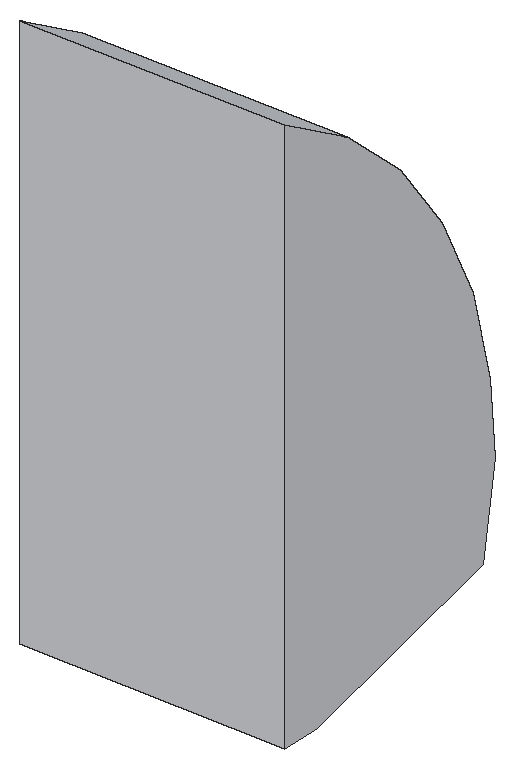
Revit family "DAN DRYER Stainless Design Mini Design 288", category Furniture Systems, host Wall, Revit 2018
Family settings
  Host = Wall
  Round Connector Dimension = Use Diameter
  Part Type = Normal
  Always vertical = Yes
  Cut with Voids When Loaded = No
  Shared = No
  Room Calculation Point = No
Parameters (values of type "Stål")
  Wicth = 200 mm
  URL = "http://www.dandryer.com/Files/Billeder/PDF/Datablade/Nye/Technical%20data%20sheet%20288.pdf"
  Type Image = <None>
  Offset from Floor = 1500 mm
  Model = "Stainless design"
  Manufacturer = "http://www.dandryer.com/"
  Height = 420 mm
  Description = "WARM_AIR HAND DRYER with IR sensor, type TURBO DESIGN, Art. no. 288"
  Cost = 0
Reference planes
  plane 1 "Wall": y = 0
  plane 2 "Center (Left/Right)": x = 125
  plane 3 "Back": y = 75
  plane 4 "Top": z = 1500
  plane 5 "Bund": z = 1080
  plane 6: x = 225
  plane 7: x = 25
Forms (mm)
  Extrusion 1, solid
    sketch origin (125, 0, 0) x (0, 1, 0) y (0, 0, 1)
      loop
        line (75, 1080) -> (105, 1080) -> (261.536, 1121.944) -> (272.262, 1189.663) -> (267.413, 1245.077)
        arc (267.413, 1245.077) -> (204.097, 1397.947) -> (75, 1501.446) r 332.875
        line (75, 1501.446) -> (75, 1080)
    from -100 to 100
  Extrusion 2, void
    sketch origin (125, 105, 1080) x (0, -0.965926, -0.258819) y (1, 0, 0)
      loop
        line (-143.266, 17.086) -> (-143.266, -17.086) -> (-134.723, -17.086) -> (-134.723, 17.086) -> (-143.266, 17.086)
      loop
        line (-25.003, 86.348) -> (-25.003, 79.565) -> (-6.91, 79.565) -> (-6.91, 86.348) -> (-25.003, 86.348)
      loop
        line (-25.003, 3.391) -> (-25.003, -3.391) -> (-6.91, -3.391) -> (-6.91, 3.391) -> (-25.003, 3.391)
      loop
        line (-25.003, 18.391) -> (-25.003, 11.609) -> (-6.91, 11.609) -> (-6.91, 18.391) -> (-25.003, 18.391)
      loop
        line (-25.003, 33.391) -> (-25.003, 26.609) -> (-6.91, 26.609) -> (-6.91, 33.391) -> (-25.003, 33.391)
      loop
        line (-25.003, 48.391) -> (-25.003, 41.609) -> (-6.91, 41.609) -> (-6.91, 48.391) -> (-25.003, 48.391)
      loop
        line (-25.003, -86.348) -> (-6.91, -86.348) -> (-6.91, -79.565) -> (-25.003, -79.565) -> (-25.003, -86.348)
      loop
        line (-25.003, -18.391) -> (-6.91, -18.391) -> (-6.91, -11.609) -> (-25.003, -11.609) -> (-25.003, -18.391)
      loop
        line (-25.003, -33.391) -> (-6.91, -33.391) -> (-6.91, -26.609) -> (-25.003, -26.609) -> (-25.003, -33.391)
      loop
        line (-25.003, -48.391) -> (-6.91, -48.391) -> (-6.91, -41.609) -> (-25.003, -41.609) -> (-25.003, -48.391)
    from 0 to 5
Cuts and joins
  Extrusion 2 cuts Extrusion 1
Text (mm)
  text "Placement Side" at (-1848.837, 1116.779, 0), in view "Ref. Level"
  text "Placement side" at (0, 1409.804, 2854.306), in view "Left"
  text "Placement side" at (0, 499.811, 2980.732), in view "Right"
Dimensions and locks
  locked: plane 3 "Back" to host wall
  "Height": plane 5 "Bund" to plane 4 "Top"
  equal spacing: plane 7, plane 2 "Center (Left/Right)", plane 6
  "Wicth": plane 7 to plane 6
  "Offset from Floor": level to plane 4 "Top"
  aligned and locked: plane 1 "Wall" to host wall
  aligned and locked: Extrusion 1 sketch curve to host wall
  aligned and locked: plane 7 to Extrusion 1
  aligned and locked: Extrusion 1 to plane 6
Automatic sketch dimensions
  Extrusion 1 sketch curve to plane 5 "Bund" = 0 mm
  plane 4 "Top" to Extrusion 1 sketch curve = 1.446 mm
  Extrusion 1 sketch curve to host wall = 12.866 mm
  Extrusion 1 sketch curve to Extrusion 1 sketch curve = 30 mm
  plane 5 "Bund" to Extrusion 1 sketch curve = 41.944 mm
  Extrusion 1 sketch curve to Extrusion 1 sketch curve = 156.536 mm
  Extrusion 1 sketch curve to Extrusion 1 sketch curve = 5.878 mm
  Extrusion 1 sketch curve to Extrusion 1 sketch curve = 4.848 mm
  Extrusion 1 sketch curve to Extrusion 1 sketch curve = 67.719 mm
  Extrusion 1 sketch curve to Extrusion 1 sketch curve = 118.132 mm
  Extrusion 1 to Extrusion 2 sketch curve = 18.792 mm
  Extrusion 2 sketch curve to Extrusion 2 sketch curve = 8.543 mm
  Extrusion 1 to Extrusion 2 sketch curve = 25.003 mm  (x4)
  Extrusion 2 sketch curve to Extrusion 2 sketch curve = 0 mm  (x5)
  Extrusion 1 to Extrusion 2 sketch curve = 6.91 mm  (x9)
  Extrusion 2 sketch curve to Extrusion 1 = 13.652 mm
  Extrusion 2 sketch curve to Extrusion 2 sketch curve = 6.783 mm  (x9)
  Extrusion 2 sketch curve to Extrusion 2 sketch curve = 31.174 mm
  Extrusion 2 sketch curve to Extrusion 2 sketch curve = 8.217 mm  (x6)
  Extrusion 2 sketch curve to Extrusion 1 = 82.914 mm
  Extrusion 2 sketch curve to Extrusion 2 sketch curve = 34.173 mm
  Extrusion 2 sketch curve to Extrusion 1 = 20.435 mm
